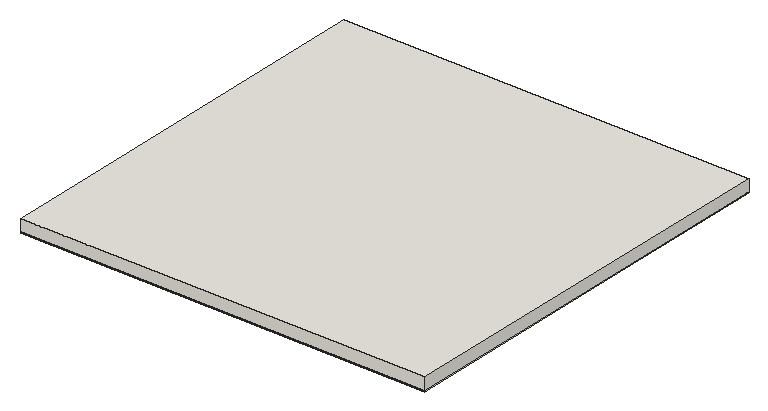
Revit family "ERA_LF_CS_SPO-6-36", category Осветительные приборы, Revit 2019 (continued)
Parameters (values of type "SPO-6-36-4K-M, LED, IP40, 595х595х19 мм (ДхШхВ), 36 Вт, 4000 К, 3060 лм, класс защиты I, в комплекте (импульсный драйвер, поликарбонат)")
    \n 0.00 0.00 0.00 0.00 0.00 0.00 0.00 0.00 0.00 0.00\r\n 0.00 0.00 0.00 0.00 0.00 0.00 0.00 0.00 0.00 0.00\r\n 0.00 0.00 0.00 0.00 0.00 0.00 0.00 0.00 0.00 0.00\r\n 0.00 0.00 0.00 0.00 0.00 0.00 0.00 0.00 0.00 0.00\r\n 0.00 0.00 0.00 0.00 0.00 0.00 0.00 0.00 0.00 0.00\r\n 0.00 0.00 0.00 0.00 0.00 0.00 0.00 0.00 0.00 0.00\r\n 0.00 0.00 0.00 0.00 0.00 0.00 0.00 0.00 0.00 0.00\r\n 0.00 0.00 0.00 0.00 0.00 0.00 0.00 0.00 0.00 0.00\r\n 0.00 0.00 0.00 0.00 0.00 0.00 0.00 0.00 0.00 0.00\r\n 0.00 0.00 0.00 0.00 0.00 0.00 0.00 0.00 0.00 0.00\r\n 0.00 0.00 0.00 0.00 0.00 0.00 0.00 0.00 0.00 0.00\r\n 0.00 0.00 0.00 0.00 0.00 0.00 0.00 0.00 0.00 0.00\r\n 0.00 0.00 0.00 0.00 0.00 0.00 0.00 0.00 0.00 0.00\r\n 0.00 0.00 0.00 0.00 0.00 0.00 0.00 0.00 0.00 0.00\r\n 0.00 0.00 0.00 0.00 0.00 0.00 0.00 0.00 0.00 0.00\r\n 0.00 0.00 0.00 0.00 0.00 0.00 0.00 0.00 0.00 0.00\r\n 0.00 0.00 0.00 0.00 0.00 0.00 0.00 0.00 0.00 0.00\r\n 0.00 0.00 0.00 0.00 0.00 0.00 0.00 0.00 0.00 0.00\r\n 0.00 0.00 0.00 0.00 0.00 0.00 0.00 0.00 0.00 0.00\r\n 0.00         \r\n1428.38 1422.62 1419.11 1427.88 1420.96 1418.91 1418.91 1424.67 1424.67 1425.02 \r\n 1421.16 1419.56 1431.43 1426.27 1423.27 1431.88 1422.92 1419.76 1432.03 1426.62\r\n 1420.16 1431.78 1424.57 1416.96 1431.68 1427.12 1419.51 1432.08 1423.87 1416.70\r\n 1430.38 1426.87 1419.06 1429.03 1423.22 1416.10 1427.12 1424.47 1418.11 1428.38\r\n 1422.12 1412.50 1412.50 1423.17 1422.02 1416.10 1424.87 1417.46 1410.19 1422.52\r\n 1410.79 1420.96 1420.96 1413.90 1406.59 1418.56 1414.45 1407.69 1418.76 1411.34\r\n 1414.05 1412.30 1412.30 1406.13 1414.50 1410.49 1401.17 1410.49 1410.29 1403.23\r\n 1406.79 1399.57 1399.57 1400.97 1407.94 1401.42 1402.73 1405.08 1395.11 1394.56\r\n 1398.37 1399.02 1402.18 1402.18 1392.06 1398.67 1400.62 1392.96 1397.47 1395.41\r\n 1396.77 1396.32 1388.65 1388.65 1394.71 1391.41 1382.19 1394.06 1391.41 1384.59\r\n 1388.05 1378.58 1392.61 1392.61 1387.65 1380.28 1390.75 1381.44 1375.42 1388.80\r\n 1379.68 1386.75 1376.53 1376.53 1376.43 1384.74 1376.73 1383.39 1379.33 1371.87\r\n 1379.88 1371.97 1382.89 1382.89 1373.37 1366.66 1379.98 1372.92 1368.66 1375.78\r\n 1371.72 1374.62 1366.71 1366.71 1375.78 1367.91 1359.34 1373.12 1366.86 1360.60\r\n 1360.04 1363.65 1366.76 1366.76 1358.34 1367.61 1359.54 1351.43 1364.45 1357.39\r\n 1357.79 1349.32 1360.90 1360.90 1354.28 1348.57 1354.43 1345.57 1356.04 1351.53\r\n 1352.53 1341.16 1346.12 1346.97 1338.80 1347.47 1336.45 1343.21 1341.76 1334.29\r\n 1341.66 1331.44 1342.66 1335.85 1335.60 1334.34 1325.68 1338.10 1331.24 1338.10\r\n 1329.89 1323.92 1332.14 1324.48 1332.44 1322.82 1331.04 1326.83 1322.62 1325.13\r\n 1314.16 1326.78 1317.51 1324.22 1314.61 1321.77 1319.11 1311.85 1319.67 1308.19\r\n 1316.81 1314.51 1307.09 1315.06 1304.19 1307.04 1310.55 1303.28 1312.00 1304.09\r\n 1296.82 1308.54 1301.83 1303.23 1301.83 1292.46 1297.42 1299.18 1292.96 1299.18\r\n 1294.92 1285.30 1294.62 1293.41 1285.90 1288.05 1288.05 1280.84 1278.34 1286.85\r\n 1280.99 1273.83 1282.94 1274.23 1267.61 1276.73 1275.13 1268.77 1264.31 1271.52\r\n 1264.51 1256.94 1266.31 1265.11 1259.15 1253.29 1262.55 1255.94 1248.43 1244.62\r\n 1255.69 1250.43 1244.72 1246.02 1248.33 1240.11 1233.80 1238.46 1241.76 1236.10\r\n 1229.49 1234.60 1231.80 1224.93 1217.52 1226.03 1225.08 1220.32 1213.16 1220.87\r\n 1215.31 1207.20 1202.19 1212.81 1208.85 1202.34 1196.83 1204.59 1197.88 1190.01\r\n 1187.01 1195.57 1190.46 1185.00 1181.05 1187.31 1179.04 1172.48 1168.87 1178.24\r\n 1172.93 1166.62 1162.86 1169.12 1162.51 1154.75 1150.94 1160.86 1156.75 1150.39\r\n 1146.08 1152.84 1144.98 1139.01 1134.26 1143.87 1139.01 1134.46 1128.74 1135.31\r\n 1128.79 1121.53 1117.62 1127.14 1123.43 1117.22 1112.51 1119.23 1113.31 1105.50\r\n 1103.65 1111.56 1106.50 1101.29 1099.34 1104.05 1095.63 1089.77 1090.22 1095.48\r\n 1091.22 1084.21 1087.97 1085.81 1079.50 1072.99 1081.35 1079.20 1074.49 1069.38\r\n 1075.19 1068.33 1061.51 1063.22 1068.03 1063.77 1057.16 1064.02 1057.96 1050.84\r\n 1048.34 1056.80 1052.75 1046.59 1049.89 1047.49 1041.58 1035.56 1045.08 1041.53\r\n 1035.66 1035.31 1036.42 1030.25 1023.59 1032.06 1029.15 1024.74 1021.89 1023.64\r\n 1016.88 1010.16 1018.83 1014.92 1009.76 1010.87 1009.21 1000.60 997.99 1004.05\r\n 998.09 992.13 997.39 990.28 982.41 988.57 986.37 980.91 980.96 976.90\r\n 970.59 968.43 973.74 967.53 961.87 966.88 959.57 952.00 959.47 956.21\r\n 949.70 949.55 948.90 941.98 937.52 945.39 940.28 933.62 939.78 932.31\r\n 926.35 929.81 930.61 925.20 920.34 924.65 918.49 911.32 919.04 916.28\r\n 910.32 908.97 909.32 903.36 897.19 905.06 901.05 894.79 898.25 892.54\r\n 887.02 884.92 889.83 884.72 879.21 883.37 876.75 869.79 874.35 873.15\r\n 867.44 863.13 865.93 859.62 852.91 858.57 856.47 850.75 848.15 849.65\r\n 843.39 836.88 841.44 840.78 836.68 831.07 834.47 828.06 821.75 820.55\r\n 824.95 821.25 815.49 816.74 813.88 808.22 802.41 808.47 805.82 801.06\r\n 796.15 799.40 793.79 787.23 783.92 789.74 785.68 780.72 779.47 779.92\r\n 772.50 767.19 767.79 770.50 765.84 760.93 760.68 758.27 752.41 746.35\r\n 749.01 749.51 745.90 739.94 741.49 737.88 730.97 726.51 731.12 729.57\r\n 724.96 720.15 722.55 718.10 711.23 705.87 710.63 708.78 705.17 699.11\r\n 701.51 697.06 691.64 686.08 687.89 688.94 684.43 680.12 679.87 677.87\r\n 671.26 666.75 665.09 668.45 664.69 659.83 656.03 657.43 652.12 645.91\r\n 642.05 646.36 644.25 639.74 634.13 635.34 631.88 625.97 620.46 619.20\r\n 621.91 618.55 613.89 609.64 610.94 604.17 599.82 594.26 597.36 595.31\r\n 591.95 585.89 585.09 582.88 575.87 570.66 568.86 571.16 567.15 563.04\r\n 557.73 559.34 552.77 547.56 542.25 544.51 542.86 538.85 534.24 531.68\r\n 530.33 524.17 519.06 515.05 517.86 515.15 510.74 506.23 506.13 502.33\r\n 496.16 491.81 489.80 491.21 488.35 484.04 480.13 480.28 475.88 469.81\r\n 466.06 465.86 466.46 463.15 458.89 455.74 455.49 450.63 445.37 442.01\r\n 443.31 442.46 439.35 435.10 432.79 431.29 426.98 421.57 418.56 421.27\r\n 419.37 416.11 412.50 411.00 407.54 402.68 398.37 396.67 398.58 396.32\r\n 392.61 389.16 388.81 383.60 379.34 375.23 375.93 375.73 373.18 369.02\r\n 366.96 365.11 359.45 355.69 353.19 355.04 352.49 349.78 345.72 345.37\r\n 340.76 336.80 336.80 332.60 333.00 332.70 330.19 327.19 324.23 323.38\r\n 314.26 310.95 310.95 312.81 311.36 308.60 305.54 304.04 301.29 296.53\r\n 291.37 292.92 292.92 291.42 288.56 285.56 284.70 281.75 277.04 273.78\r\n 274.13 272.08 272.08 269.62 267.02 265.67 262.36 258.45 255.65 255.60\r\n 254.09 251.14 251.14 249.08 248.18 244.27 240.22 238.06 239.11 238.91\r\n 235.16 233.10 233.10 230.70 227.09 224.19 222.23 223.84 223.33 221.68\r\n 218.22 215.32 215.32 212.11 209.31 208.36 209.71 209.01 207.20 205.30\r\n 201.74 198.19 198.19 195.73 195.58 196.83 196.13 194.43 192.62 191.62\r\n 185.66 183.71 183.71 184.21 184.76 184.01 182.71 180.95 179.85 177.04\r\n 172.08 173.09 173.09 173.64 172.99 171.53 170.08 168.78 165.97 163.32\r\n 162.72 163.12 163.12 162.77 161.21 159.66 158.16 155.90 153.10 151.75\r\n 153.15 152.65 152.65 151.34 150.04 148.74 146.08 143.43 142.23 143.08\r\n 143.63 142.18 142.18 140.77 139.57 137.32 134.66 133.36 133.26 134.26\r\n 133.26 131.96 131.96 130.80 128.55 125.89 124.69 123.84 125.24 125.34\r\n 123.24 122.09 122.09 120.48 117.43 115.98 114.97 115.83 116.08 115.78\r\n 113.02 111.72 111.72 108.96 107.01 105.56 105.86 106.61 106.31 105.51\r\n 102.90 100.24 100.24 98.29 96.54 95.89 97.04 96.94 96.44 95.03\r\n 91.68 89.37 89.37 87.07 86.12 86.47 87.07 86.62 85.77 84.31\r\n 80.31 77.75 77.75 76.25 75.90 76.65 76.45 75.85 74.54 72.74\r\n 67.78 66.33 66.33 64.98 65.58 65.48 65.28 63.92 62.52 60.37\r\n 55.36 54.01 54.01 53.85 54.21 53.85 52.75 51.25 48.95 46.09\r\n 41.88 41.48 41.48 41.78 41.58 40.63 39.53 37.37 34.67 32.61\r\n 30.26 30.91 30.91 30.91 30.71 30.01 28.05 26.30 23.45 21.59\r\n 20.49 20.39 20.39 19.99 19.49 17.98 16.08 13.63 11.77 10.72\r\n 10.37 10.67 10.67 10.32 9.27 7.01 3.91 2.15 1.70 2.20\r\n 4.21 4.51 4.51 4.36 3.11 1.55 1.00 0.75 1.95 3.11\r\n 4.61 4.46 4.46 3.31 1.65 0.90 1.10 2.35 3.36 4.66\r\n 0.00 0.00 0.00 0.00 0.00 0.00 0.00 0.00 0.00 0.00\r\n 0.00 0.00 0.00 0.00 0.00 0.00 0.00 0.00 0.00 0.00\r\n 0.00 0.00 0.00 0.00 0.00 0.00 0.00 0.00 0.00 0.00\r\n 0.00 0.00 0.00 0.00 0.00 0.00 0.00 0.00 0.00 0.00\r\n 0.00 0.00 0.00 0.00 0.00 0.00 0.00 0.00 0.00 0.00\r\n 0.00 0.00 0.00 0.00 0.00 0.00 0.00 0.00 0.00 0.00\r\n 0.00 0.00 0.00 0.00 0.00 0.00 0.00 0.00 0.00 0.00\r\n 0.00 0.00 0.00 0.00 0.00 0.00 0.00 0.00 0.00 0.00\r\n 0.00 0.00 0.00 0.00 0.00 0.00 0.00 0.00 0.00 0.00\r\n 0.00 0.00 0.00 0.00 0.00 0.00 0.00 0.00 0.00 0.00\r\n 0.00 0.00 0.00 0.00 0.00 0.00 0.00 0.00 0.00 0.00\r\n 0.00 0.00 0.00 0.00 0.00 0.00 0.00 0.00 0.00 0.00\r\n 0.00 0.00 0.00 0.00 0.00 0.00 0.00 0.00 0.00 0.00\r\n 0.00 0.00 0.00 0.00 0.00 0.00 0.00 0.00 0.00 0.00\r\n 0.00 0.00 0.00 0.00 0.00 0.00 0.00 0.00 0.00 0.00\r\n 0.00 0.00 0.00 0.00 0.00 0.00 0.00 0.00 0.00 0.00\r\n 0.00 0.00 0.00 0.00 0.00 0.00 0.00 0.00 0.00 0.00\r\n 0.00 0.00 0.00 0.00 0.00 0.00 0.00 0.00 0.00 0.00\r\n 0.00 0.00 0.00 0.00 0.00 0.00 0.00 0.00 0.00 0.00\r\n 0.00 0.00 0.00 0.00 0.00 0.00 0.00 0.00 0.00 0.00\r\n 0.00 0.00 0.00 0.00 0.00 0.00 0.00 0.00 0.00 0.00\r\n 0.00 0.00 0.00 0.00 0.00 0.00 0.00 0.00 0.00 0.00\r\n 0.00 0.00 0.00 0.00 0.00 0.00 0.00 0.00 0.00 0.00\r\n 0.00 0.00 0.00 0.00 0.00 0.00 0.00 0.00 0.00 0.00\r\n 0.00 0.00 0.00 0.00 0.00 0.00 0.00 0.00 0.00 0.00\r\n 0.00 0.00 0.00 0.00 0.00 0.00 0.00 0.00 0.00 0.00\r\n 0.00 0.00 0.00 0.00 0.00 0.00 0.00 0.00 0.00 0.00\r\n 0.00 0.00 0.00 0.00 0.00 0.00 0.00 0.00 0.00 0.00\r\n 0.00 0.00 0.00 0.00 0.00 0.00 0.00 0.00 0.00 0.00\r\n 0.00 0.00 0.00 0.00 0.00 0.00 0.00 0.00 0.00 0.00\r\n 0.00 0.00 0.00 0.00 0.00 0.00 0.00 0.00 0.00 0.00\r\n 0.00 0.00 0.00 0.00 0.00 0.00 0.00 0.00 0.00 0.00\r\n 0.00 0.00 0.00 0.00 0.00 0.00 0.00 0.00 0.00 0.00\r\n 0.00 0.00 0.00 0.00 0.00 0.00 0.00 0.00 0.00 0.00\r\n 0.00 0.00 0.00 0.00 0.00 0.00 0.00 0.00 0.00 0.00\r\n 0.00 0.00 0.00 0.00 0.00 0.00 0.00 0.00 0.00 0.00\r\n 0.00 0.00 0.00 0.00 0.00 0.00 0.00 0.00 0.00 0.00\r\n 0.00 0.00 0.00 0.00 0.00 0.00 0.00 0.00 0.00 0.00\r\n 0.00 0.00 0.00 0.00 0.00 0.00 0.00 0.00 0.00 0.00\r\n 0.00 0.00 0.00 0.00 0.00 0.00 0.00 0.00 0.00 0.00\r\n 0.00 0.00 0.00 0.00 0.00 0.00 0.00 0.00 0.00 0.00\r\n 0.00 0.00 0.00 0.00 0.00 0.00 0.00 0.00 0.00 0.00\r\n 0.00 0.00 0.00 0.00 0.00 0.00 0.00 0.00 0.00 0.00\r\n 0.00 0.00 0.00 0.00 0.00 0.00 0.00 0.00 0.00 0.00\r\n 0.00 0.00 0.00 0.00 0.00 0.00 0.00 0.00 0.00 0.00\r\n 0.00 0.00 0.00 0.00 0.00 0.00 0.00 0.00 0.00 0.00\r\n 0.00 0.00 0.00 0.00 0.00 0.00 0.00 0.00 0.00 0.00\r\n 0.00 0.00 0.00 0.00 0.00 0.00 0.00 0.00 0.00 0.00\r\n 0.00 0.00 0.00 0.00 0.00 0.00 0.00 0.00 0.00 0.00\r\n 0.00 0.00 0.00 0.00 0.00 0.00 0.00 0.00 0.00 0.00\r\n 0.00 0.00 0.00 0.00 0.00 0.00 0.00 0.00 0.00 0.00\r\n 0.00 0.00 0.00 0.00 0.00 0.00 0.00 0.00 0.00 0.00\r\n 0.00 0.00 0.00 0.00 0.00 0.00 0.00 0.00 0.00 0.00\r\n 0.00 0.00 0.00 0.00 0.00 0.00 0.00 0.00 0.00 0.00\r\n 0.00 0.00 0.00 0.00 0.00 0.00 0.00 0.00 0.00 0.00\r\n 0.00 0.00 0.00 0.00 0.00 0.00 0.00 0.00 0.00 0.00\r\n 0.00 0.00 0.00 0.00 0.00 0.00 0.00 0.00 0.00 0.00\r\n 0.00 0.00 0.00 0.00 0.00 0.00 0.00 0.00 0.00 0.00\r\n 0.00 0.00 0.00 0.00 0.00 0.00 0.00 0.00 0.00 0.00\r\n 0.00 0.00 0.00 0.00 0.00 0.00 0.00 0.00 0.00 0.00\r\n 0.00 0.00 0.00 0.00 0.00 0.00 0.00 0.00 0.00 0.00\r\n 0.00 0.00 0.00 0.00 0.00 0.00 0.00 0.00 0.00 0.00\r\n 0.00 0.00 0.00 0.00 0.00 0.00 0.00 0.00 0.00 0.00\r\n 0.00 0.00 0.00 0.00 0.00 0.00 0.00 0.00 0.00 0.00\r\n 0.00 0.00 0.00 0.00 0.00 0.00 0.00 0.00 0.00 0.00\r\n 0.00 0.00 0.00 0.00 0.00 0.00 0.00 0.00 0.00 0.00\r\n 0.00 0.00 0.00 0.00 0.00 0.00 0.00 0.00 0.00 0.00\r\n 0.00 0.00 0.00 0.00 0.00 0.00 0.00 0.00 0.00 0.00\r\n 0.00 0.00 0.00 0.00 0.00 0.00 0.00 0.00 0.00 0.00\r\n 0.00 0.00 0.00 0.00 0.00 0.00 0.00 0.00 0.00 0.00\r\n 0.00 0.00 0.00 0.00 0.00 0.00 0.00 0.00 0.00 0.00\r\n 0.00 0.00 0.00 0.00 0.00 0.00 0.00 0.00 0.00 0.00\r\n 0.00 0.00 0.00 0.00 0.00 0.00 0.00 0.00 0.00 0.00\r\n 0.00 0.00 0.00 0.00 0.00 0.00 0.00 0.00 0.00 0.00\r\n 0.00 0.00 0.00 0.00 0.00 0.00 0.00 0.00 0.00 0.00\r\n 0.00 0.00 0.00 0.00 0.00 0.00 0.00 0.00 0.00 0.00\r\n 0.00 0.00 0.00 0.00 0.00 0.00 0.00 0.00 0.00 0.00\r\n 0.00 0.00 0.00 0.00 0.00 0.00 0.00 0.00 0.00 0.00\r\n 0.00 0.00 0.00 0.00 0.00 0.00 0.00 0.00 0.00 0.00\r\n 0.00 0.00 0.00 0.00 0.00 0.00 0.00 0.00 0.00 0.00\r\n 0.00 0.00 0.00 0.00 0.00 0.00 0.00 0.00 0.00 0.00\r\n 0.00 0.00 0.00 0.00 0.00 0.00 0.00 0.00 0.00 0.00\r\n 0.00 0.00 0.00 0.00 0.00 0.00 0.00 0.00 0.00 0.00\r\n 0.00 0.00 0.00 0.00 0.00 0.00 0.00 0.00 0.00 0.00\r\n 0.00 0.00 0.00 0.00 0.00 0.00 0.00 0.00 0.00 0.00\r\n 0.00 0.00 0.00 0.00 0.00 0.00 0.00 0.00 0.00 0.00\r\n 0.00 0.00 0.00 0.00 0.00 0.00 0.00 0.00 0.00 0.00\r\n 0.00 0.00 0.00 0.00 0.00 0.00 0.00 0.00 0.00 0.00\r\n 0.00 0.00 0.00 0.00 0.00 0.00 0.00 0.00 0.00 0.00\r\n 0.00         \r\n1428.38 1421.87 1418.27 1427.58 1422.12 1416.46 1416.46 1428.53 1428.53 1422.02 \r\n 1427.03 1421.37 1415.46 1420.17 1427.43 1422.47 1414.21 1425.62 1419.92 1413.91\r\n 1416.51 1426.02 1420.67 1412.41 1424.07 1417.92 1411.86 1417.62 1423.82 1418.52\r\n 1411.06 1422.82 1415.81 1410.76 1422.17 1422.52 1415.36 1413.96 1420.02 1412.86\r\n 1408.05 1423.27 1423.27 1418.77 1410.36 1417.06 1415.66 1408.76 1410.56 1420.32\r\n 1407.25 1418.82 1418.82 1411.51 1406.55 1418.82 1416.51 1410.56 1412.61 1415.36\r\n 1404.85 1419.47 1419.47 1413.91 1405.50 1416.46 1410.51 1403.60 1415.21 1414.76\r\n 1411.36 1412.26 1412.26 1404.60 1404.00 1415.21 1407.55 1402.65 1410.31 1404.30\r\n 1414.16 1406.85 1399.30 1399.30 1409.76 1401.75 1397.04 1411.81 1406.15 1396.89\r\n 1400.45 1394.79 1409.61 1409.61 1404.65 1394.99 1405.50 1398.89 1391.94 1406.75\r\n 1393.69 1403.35 1396.64 1396.64 1389.53 1403.65 1398.79 1389.63 1398.69 1392.94\r\n 1400.25 1396.84 1387.23 1387.23 1396.94 1390.69 1383.63 1398.39 1392.14 1384.13\r\n 1386.58 1380.72 1395.04 1395.04 1387.33 1382.73 1389.33 1380.37 1382.38 1389.68\r\n 1385.53 1384.23 1375.82 1375.82 1387.53 1384.53 1375.62 1384.03 1377.37 1371.26\r\n 1380.32 1370.36 1381.33 1381.33 1372.97 1367.71 1381.73 1374.22 1366.91 1375.97\r\n 1366.26 1377.67 1369.76 1369.76 1367.56 1371.36 1362.60 1363.01 1371.51 1364.76\r\n 1366.66 1358.30 1356.55 1367.41 1358.95 1354.05 1361.20 1354.20 1349.84 1363.16\r\n 1356.55 1348.34 1358.15 1350.49 1344.58 1357.05 1354.55 1346.34 1346.09 1348.79\r\n 1343.18 1338.43 1351.19 1345.94 1337.03 1345.34 1340.18 1334.67 1334.57 1344.18\r\n 1337.53 1330.32 1337.98 1332.37 1327.02 1325.11 1336.33 1330.17 1323.86 1326.31\r\n 1327.12 1319.86 1313.75 1325.26 1322.96 1317.61 1309.60 1319.36 1312.95 1308.09\r\n 1303.29 1315.55 1312.00 1305.04 1298.93 1308.34 1303.19 1296.18 1291.98 1304.34\r\n 1302.09 1295.08 1287.57 1295.08 1291.88 1286.27 1280.71 1284.67 1290.78 1285.87\r\n 1279.41 1276.61 1283.27 1276.91 1272.25 1266.90 1276.61 1277.06 1272.10 1264.75\r\n 1261.99 1269.75 1262.84 1258.19 1252.88 1260.44 1262.89 1258.29 1251.98 1246.48\r\n 1254.94 1249.58 1244.72 1238.77 1239.17 1248.53 1245.13 1239.12 1233.51 1234.26\r\n 1238.32 1232.26 1226.25 1222.20 1228.81 1232.76 1227.81 1223.30 1216.34 1219.00\r\n 1221.40 1215.44 1211.19 1206.38 1211.69 1216.49 1212.49 1206.93 1201.33 1203.58\r\n 1205.48 1200.63 1195.32 1190.77 1195.07 1200.73 1196.22 1192.17 1185.06 1183.06\r\n 1190.11 1184.71 1180.25 1174.85 1173.60 1183.66 1181.40 1176.05 1171.04 1165.09\r\n 1171.89 1169.39 1163.08 1158.93 1154.22 1159.28 1163.13 1159.63 1153.97 1146.82\r\n 1146.17 1150.97 1146.22 1140.01 1135.80 1132.70 1140.81 1139.86 1135.45 1129.30\r\n 1122.74 1125.29 1126.29 1120.79 1115.23 1110.98 1109.78 1117.13 1113.98 1108.42\r\n 1102.97 1096.86 1101.47 1099.31 1093.66 1088.10 1083.55 1085.55 1090.60 1086.20\r\n 1080.04 1074.24 1070.03 1075.49 1070.43 1065.03 1059.92 1055.72 1060.92 1061.92\r\n 1057.82 1051.61 1045.91 1044.15 1047.86 1041.65 1036.95 1031.34 1028.59 1035.54\r\n 1033.59 1029.04 1022.88 1017.32 1019.98 1019.53 1013.12 1008.86 1003.46 1004.96\r\n 1009.97 1005.91 1001.61 995.15 990.84 995.85 992.65 986.59 981.43 977.68\r\n 982.94 984.64 979.88 975.58 969.22 967.07 971.12 966.72 960.96 955.76\r\n 953.85 961.06 959.51 954.50 949.90 944.09 946.24 945.84 939.74 935.73\r\n 930.88 932.53 937.49 934.28 929.33 924.22 920.27 924.47 920.37 914.76\r\n 910.81 907.60 913.51 913.16 909.30 904.00 899.34 900.44 899.44 894.89\r\n 889.93 885.93 887.48 891.93 888.03 883.88 878.17 875.22 878.72 873.36\r\n 869.41 864.30 861.55 868.51 866.91 861.90 857.45 851.69 855.49 851.99\r\n 846.38 842.
    73 838.38 843.08 843.53 839.98 834.42 828.41 830.17 828.92\r\n 823.91 819.20 815.65 818.35 820.31 816.55 811.20 805.89 806.04 806.44\r\n 800.33 796.33 791.97 792.27 796.38 793.53 788.57 782.26 780.66 782.26\r\n 777.51 772.40 768.40 768.25 772.70 769.05 764.24 758.99 757.19 758.69\r\n 753.08 748.98 744.17 743.52 748.48 745.27 740.62 734.66 732.76 733.76\r\n 729.31 724.10 719.90 720.30 723.75 719.95 715.19 710.33 708.88 709.08\r\n 703.33 699.22 694.92 695.17 698.22 694.07 690.01 684.26 683.60 682.85\r\n 678.30 673.54 669.69 671.24 673.14 668.99 663.78 659.18 659.08 657.58\r\n 651.72 647.82 644.01 646.06 646.66 642.66 638.46 632.45 633.35 631.05\r\n 626.29 621.44 618.28 620.84 620.13 616.78 612.18 607.22 607.72 605.17\r\n 599.46 595.71 592.10 594.46 594.46 590.00 586.45 580.89 581.64 578.24\r\n 573.98 569.43 566.48 569.23 568.18 564.67 559.97 555.86 556.16 552.56\r\n 547.45 543.95 540.55 544.00 542.25 537.74 533.64 529.28 530.24 525.63\r\n 521.48 517.52 515.32 518.92 516.02 512.62 507.61 504.36 504.56 500.30\r\n 495.60 492.34 491.19 493.24 490.69 486.24 481.83 479.48 478.63 473.72\r\n 469.87 466.06 466.47 467.47 463.96 460.56 455.30 454.50 451.60 447.74\r\n 443.54 440.89 442.44 441.19 438.18 434.08 430.07 429.82 426.22 421.47\r\n 418.46 415.86 417.96 416.86 412.66 408.95 405.00 405.05 400.09 396.69\r\n 392.83 391.58 393.33 390.53 387.48 382.52 380.67 378.82 374.36 370.46\r\n 367.96 368.86 368.26 365.60 361.90 357.90 357.14 353.69 349.39 346.03\r\n 344.13 346.03 346.03 344.13 340.13 337.22 334.07 333.02 328.41 325.36\r\n 322.61 322.76 322.76 320.00 316.85 312.80 312.24 308.19 304.64 301.38\r\n 302.23 300.33 300.33 297.33 293.07 291.47 288.82 285.37 282.26 280.41\r\n 281.16 278.46 278.46 274.50 272.25 270.20 266.94 264.09 262.19 263.64\r\n 260.94 257.28 257.28 254.83 253.28 250.58 247.17 245.47 246.32 246.62\r\n 242.02 238.66 238.66 237.16 233.81 231.26 229.40 230.60 230.75 228.95\r\n 223.15 221.84 221.84 218.69 216.04 214.79 216.09 216.24 214.04 211.83\r\n 208.03 204.73 204.73 202.02 201.32 203.27 202.32 200.57 198.12 196.42\r\n 191.21 189.51 189.51 190.41 191.16 190.06 188.01 185.71 184.05 181.25\r\n 179.15 180.95 180.95 180.25 178.55 175.69 174.59 171.84 170.44 169.34\r\n 171.24 169.59 169.59 167.48 165.88 163.38 161.23 160.68 162.43 162.13\r\n 158.53 157.72 157.72 154.77 153.22 152.37 154.37 154.17 153.07 150.62\r\n 147.11 145.11 145.11 145.06 146.86 146.76 145.11 143.41 141.76 139.50\r\n 138.30 139.75 139.75 139.25 137.75 135.75 134.30 131.85 130.64 131.40\r\n 131.95 130.04 130.04 128.49 126.09 124.39 123.59 124.89 125.39 124.64\r\n 120.58 118.08 118.08 116.78 117.03 118.63 118.38 116.63 114.68 112.57\r\n 110.02 111.77 111.77 112.07 110.87 109.12 107.12 105.02 103.56 104.52\r\n 104.77 103.11 103.11 100.96 98.66 96.71 96.31 97.91 97.96 96.36\r\n 91.85 89.50 89.50 88.75 90.30 90.25 89.00 87.15 84.79 81.94\r\n 81.89 82.44 82.44 81.64 79.99 77.39 75.28 73.43 73.53 74.58\r\n 72.58 69.98 69.98 67.52 65.82 65.42 66.87 66.62 64.92 62.72\r\n 58.46 57.91 57.91 59.07 59.07 57.76 55.81 52.96 50.66 50.21\r\n 51.41 50.01 50.01 48.15 45.30 43.25 42.00 42.75 43.40 42.50\r\n 37.94 35.59 35.59 34.24 34.09 34.99 34.69 32.74 29.88 27.38\r\n 25.63 26.48 26.48 25.98 24.13 21.97 18.67 17.17 16.77 17.47\r\n 15.52 13.16 13.16 9.81 8.51 8.21 8.86 8.81 7.01 4.96\r\n 1.15 1.70 1.70 3.40 4.81 4.76 3.35 1.40 0.90 2.05\r\n 0.00 0.00 0.00 0.00 0.00 0.00 0.00 0.00 0.00 0.00\r\n 0.00 0.00 0.00 0.00 0.00 0.00 0.00 0.00 0.00 0.00\r\n 0.00 0.00 0.00 0.00 0.00 0.00 0.00 0.00 0.00 0.00\r\n 0.00 0.00 0.00 0.00 0.00 0.00 0.00 0.00 0.00 0.00\r\n 0.00 0.00 0.00 0.00 0.00 0.00 0.00 0.00 0.00 0.00\r\n 0.00 0.00 0.00 0.00 0.00 0.00 0.00 0.00 0.00 0.00\r\n 0.00 0.00 0.00 0.00 0.00 0.00 0.00 0.00 0.00 0.00\r\n 0.00 0.00 0.00 0.00 0.00 0.00 0.00 0.00 0.00 0.00\r\n 0.00 0.00 0.00 0.00 0.00 0.00 0.00 0.00 0.00 0.00\r\n 0.00 0.00 0.00 0.00 0.00 0.00 0.00 0.00 0.00 0.00\r\n 0.00 0.00 0.00 0.00 0.00 0.00 0.00 0.00 0.00 0.00\r\n 0.00 0.00 0.00 0.00 0.00 0.00 0.00 0.00 0.00 0.00\r\n 0.00 0.00 0.00 0.00 0.00 0.00 0.00 0.00 0.00 0.00\r\n 0.00 0.00 0.00 0.00 0.00 0.00 0.00 0.00 0.00 0.00\r\n 0.00 0.00 0.00 0.00 0.00 0.00 0.00 0.00 0.00 0.00\r\n 0.00 0.00 0.00 0.00 0.00 0.00 0.00 0.00 0.00 0.00\r\n 0.00 0.00 0.00 0.00 0.00 0.00 0.00 0.00 0.00 0.00\r\n 0.00 0.00 0.00 0.00 0.00 0.00 0.00 0.00 0.00 0.00\r\n 0.00 0.00 0.00 0.00 0.00 0.00 0.00 0.00 0.00 0.00\r\n 0.00 0.00 0.00 0.00 0.00 0.00 0.00 0.00 0.00 0.00\r\n 0.00 0.00 0.00 0.00 0.00 0.00 0.00 0.00 0.00 0.00\r\n 0.00 0.00 0.00 0.00 0.00 0.00 0.00 0.00 0.00 0.00\r\n 0.00 0.00 0.00 0.00 0.00 0.00 0.00 0.00 0.00 0.00\r\n 0.00 0.00 0.00 0.00 0.00 0.00 0.00 0.00 0.00 0.00\r\n 0.00 0.00 0.00 0.00 0.00 0.00 0.00 0.00 0.00 0.00\r\n 0.00 0.00 0.00 0.00 0.00 0.00 0.00 0.00 0.00 0.00\r\n 0.00 0.00 0.00 0.00 0.00 0.00 0.00 0.00 0.00 0.00\r\n 0.00 0.00 0.00 0.00 0.00 0.00 0.00 0.00 0.00 0.00\r\n 0.00 0.00 0.00 0.00 0.00 0.00 0.00 0.00 0.00 0.00\r\n 0.00 0.00 0.00 0.00 0.00 0.00 0.00 0.00 0.00 0.00\r\n 0.00 0.00 0.00 0.00 0.00 0.00 0.00 0.00 0.00 0.00\r\n 0.00 0.00 0.00 0.00 0.00 0.00 0.00 0.00 0.00 0.00\r\n 0.00 0.00 0.00 0.00 0.00 0.00 0.00 0.00 0.00 0.00\r\n 0.00 0.00 0.00 0.00 0.00 0.00 0.00 0.00 0.00 0.00\r\n 0.00 0.00 0.00 0.00 0.00 0.00 0.00 0.00 0.00 0.00\r\n 0.00 0.00 0.00 0.00 0.00 0.00 0.00 0.00 0.00 0.00\r\n 0.00 0.00 0.00 0.00 0.00 0.00 0.00 0.00 0.00 0.00\r\n 0.00 0.00 0.00 0.00 0.00 0.00 0.00 0.00 0.00 0.00\r\n 0.00 0.00 0.00 0.00 0.00 0.00 0.00 0.00 0.00 0.00\r\n 0.00 0.00 0.00 0.00 0.00 0.00 0.00 0.00 0.00 0.00\r\n 0.00 0.00 0.00 0.00 0.00 0.00 0.00 0.00 0.00 0.00\r\n 0.00 0.00 0.00 0.00 0.00 0.00 0.00 0.00 0.00 0.00\r\n 0.00 0.00 0.00 0.00 0.00 0.00 0.00 0.00 0.00 0.00\r\n 0.00 0.00 0.00 0.00 0.00 0.00 0.00 0.00 0.00 0.00\r\n 0.00 0.00 0.00 0.00 0.00 0.00 0.00 0.00 0.00 0.00\r\n 0.00 0.00 0.00 0.00 0.00 0.00 0.00 0.00 0.00 0.00\r\n 0.00 0.00 0.00 0.00 0.00 0.00 0.00 0.00 0.00 0.00\r\n 0.00 0.00 0.00 0.00 0.00 0.00 0.00 0.00 0.00 0.00\r\n 0.00 0.00 0.00 0.00 0.00 0.00 0.00 0.00 0.00 0.00\r\n 0.00 0.00 0.00 0.00 0.00 0.00 0.00 0.00 0.00 0.00\r\n 0.00 0.00 0.00 0.00 0.00 0.00 0.00 0.00 0.00 0.00\r\n 0.00 0.00 0.00 0.00 0.00 0.00 0.00 0.00 0.00 0.00\r\n 0.00 0.00 0.00 0.00 0.00 0.00 0.00 0.00 0.00 0.00\r\n 0.00 0.00 0.00 0.00 0.00 0.00 0.00 0.00 0.00 0.00\r\n 0.00 0.00 0.00 0.00 0.00 0.00 0.00 0.00 0.00 0.00\r\n 0.00 0.00 0.00 0.00 0.00 0.00 0.00 0.00 0.00 0.00\r\n 0.00 0.00 0.00 0.00 0.00 0.00 0.00 0.00 0.00 0.00\r\n 0.00 0.00 0.00 0.00 0.00 0.00 0.00 0.00 0.00 0.00\r\n 0.00 0.00 0.00 0.00 0.00 0.00 0.00 0.00 0.00 0.00\r\n 0.00 0.00 0.00 0.00 0.00 0.00 0.00 0.00 0.00 0.00\r\n 0.00 0.00 0.00 0.00 0.00 0.00 0.00 0.00 0.00 0.00\r\n 0.00 0.00 0.00 0.00 0.00 0.00 0.00 0.00 0.00 0.00\r\n 0.00 0.00 0.00 0.00 0.00 0.00 0.00 0.00 0.00 0.00\r\n 0.00 0.00 0.00 0.00 0.00 0.00 0.00 0.00 0.00 0.00\r\n 0.00 0.00 0.00 0.00 0.00 0.00 0.00 0.00 0.00 0.00\r\n 0.00 0.00 0.00 0.00 0.00 0.00 0.00 0.00 0.00 0.00\r\n 0.00 0.00 0.00 0.00 0.00 0.00 0.00 0.00 0.00 0.00\r\n 0.00 0.00 0.00 0.00 0.00 0.00 0.00 0.00 0.00 0.00\r\n 0.00 0.00 0.00 0.00 0.00 0.00 0.00 0.00 0.00 0.00\r\n 0.00 0.00 0.00 0.00 0.00 0.00 0.00 0.00 0.00 0.00\r\n 0.00 0.00 0.00 0.00 0.00 0.00 0.00 0.00 0.00 0.00\r\n 0.00 0.00 0.00 0.00 0.00 0.00 0.00 0.00 0.00 0.00\r\n 0.00 0.00 0.00 0.00 0.00 0.00 0.00 0.00 0.00 0.00\r\n 0.00 0.00 0.00 0.00 0.00 0.00 0.00 0.00 0.00 0.00\r\n 0.00 0.00 0.00 0.00 0.00 0.00 0.00 0.00 0.00 0.00\r\n 0.00 0.00 0.00 0.00 0.00 0.00 0.00 0.00 0.00 0.00\r\n 0.00 0.00 0.00 0.00 0.00 0.00 0.00 0.00 0.00 0.00\r\n 0.00 0.00 0.00 0.00 0.00 0.00 0.00 0.00 0.00 0.00\r\n 0.00 0.00 0.00 0.00 0.00 0.00 0.00 0.00 0.00 0.00\r\n 0.00 0.00 0.00 0.00 0.00 0.00 0.00 0.00 0.00 0.00\r\n 0.00 0.00 0.00 0.00 0.00 0.00 0.00 0.00 0.00 0.00\r\n 0.00 0.00 0.00 0.00 0.00 0.00 0.00 0.00 0.00 0.00\r\n 0.00 0.00 0.00 0.00 0.00 0.00 0.00 0.00 0.00 0.00\r\n 0.00 0.00 0.00 0.00 0.00 0.00 0.00 0.00 0.00 0.00\r\n 0.00 0.00 0.00 0.00 0.00 0.00 0.00 0.00 0.00 0.00\r\n 0.00 0.00 0.00 0.00 0.00 0.00 0.00 0.00 0.00 0.00\r\n 0.00 0.00 0.00 0.00 0.00 0.00 0.00 0.00 0.00 0.00\r\n 0.00 0.00 0.00 0.00 0.00 0.00 0.00 0.00 0.00 0.00\r\n 0.00 0.00 0.00 0.00 0.00 0.00 0.00 0.00 0.00 0.00\r\n 0.00"
  _УГО_Ширина = if(_Корпус_Ширина / УГО_Масштаб < 1.00 mm, 1.00 mm, _Корпус_Ширина / УГО_Масштаб)  # 5.95 mm
  УГО_Масштаб = 100
  _УГО_Длина = if(_Корпус_Длина / УГО_Масштаб < 1.00 mm, 1.00 mm, _Корпус_Длина / УГО_Масштаб)  # 5.95 mm
  _УГО_Диаметр = if(_Корпус_Длина / УГО_Масштаб < 1.00 mm, 1.00 mm, _Корпус_Длина / УГО_Масштаб)  # 5.95 mm
  УГО_Видимость [instance] = not(УГО_Реальный размер)  # yes
  УГО_Аварийный [instance] = no
  Тип установки = "Потолочный"
  Степень защиты IP = "IP40"
  built-in parameter 1150137 = (empty or 0)
  built-in parameter 1150132 = 2
  built-in parameter 1150114 = 1 (stored number, unit not read)
  Dimming Lamp Color Temperature Shift = (empty or 0)
  built-in parameter 1150105 = 417.78 (stored number, unit not read)
  Color Filter = 16777215
  Lumens = 3060 lm
  Разработчик модели = "https://www.teslabim.ru"
  built-in parameter 1150109 = 1 (stored number, unit not read)
  built-in parameter 1150112 = 1 (stored number, unit not read)
  built-in parameter 1150110 = 1 (stored number, unit not read)
  built-in parameter 1150113 = 1 (stored number, unit not read)
  built-in parameter 1150115 = 1 (stored number, unit not read)
  built-in parameter 1114218 = 1 (stored number, unit not read)
  built-in parameter 1114217 = 1 (stored number, unit not read)
  built-in parameter 1150106 = 4.1778 (stored number, unit not read)
  Emit from Rectangle Width = _Корпус_Ширина  # 595.00 mm
  Emit from Rectangle Length = _Корпус_Длина  # 595.00 mm
  _Корпус_Ширина = if(ADSK_Размер_Ширина < 1.00 mm, 1.00 mm, ADSK_Размер_Ширина)  # 595.00 mm
  _Корпус_Длина = if(ADSK_Размер_Длина < 1.00 mm, 1.00 mm, ADSK_Размер_Длина)  # 595.00 mm
  built-in parameter 1150133 = 10 (stored number, unit not read)
  Wattage = 35.3435 W
  built-in parameter 1150139 = (empty or 0)
  built-in parameter 1114216 [instance] = 1 (stored number, unit not read)
  Цвет = Белый
  УГО_Реальный размер [instance] = no
  Description = ""
  Lamp = ""
